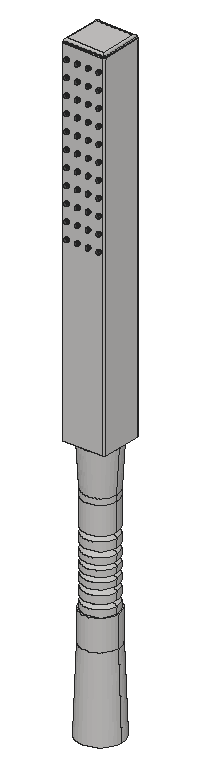
Revit family "VS-3023", category Plumbing Fixtures, Revit 2023
Family settings
  Round Connector Dimension = Use Diameter
  Part Type = Normal
  OmniClass Number = 23.45.00.00
  OmniClass Title = Sanitary, Laundry, and Cleaning Equipment
  Work Plane-Based = No
  Enable Cutting in Views = No
  Always vertical = Yes
  Cut with Voids When Loaded = No
  Maintain Annotation Orientation = No
  Shared = No
  Room Calculation Point = No
Parameters
  Default Elevation = 0' - 0"
Reference planes (in)
  plane 1 "Center (Front/Back)": y = 0
  plane 2: z = 0
  plane 3 "Center (Left/Right)": x = 0
  plane 4: z = 8.375
  plane 5: x = -0.5
  plane 6: x = 0.5
  plane 7: y = 0.5
  plane 8: y = -0.5
  plane 9: z = -1.1875
  plane 10: z = -30.00526
Forms (in)
  Extrusion 1, solid, material "Metal Finish"
    sketch origin (0, 0, 0) x (1, 0, 0) y (0, 1, 0)
      loop
        arc (-0.4652, 0.5) -> (-0.48981, 0.48981) -> (-0.5, 0.4652) r 0.0348
        line (-0.5, 0.4652) -> (-0.5, -0.4652)
        arc (-0.5, -0.4652) -> (-0.48981, -0.48981) -> (-0.4652, -0.5) r 0.0348
        line (-0.4652, -0.5) -> (0.4652, -0.5)
        arc (0.4652, -0.5) -> (0.48981, -0.48981) -> (0.5, -0.4652) r 0.0348
        line (0.5, -0.4652) -> (0.5, 0.4652)
        arc (0.5, 0.4652) -> (0.48981, 0.48981) -> (0.4652, 0.5) r 0.0348
        line (0.4652, 0.5) -> (-0.4652, 0.5)
    from 0 to 8.375
  Sweep 2, void
    path in 3D
      loop
        line (-0.5, -0.5, 8.375) -> (0.5, -0.5, 8.375) -> (0.5, 0.5, 8.375) -> (-0.5, 0.5, 8.375) -> (-0.5, -0.5, 8.375)
    profile origin (-0.5, 0, 8.375) x (1, 0, 0) y (0, 0, 1)
      loop
        line (0, 0) -> (0, -0.07849) -> (0.03158, -0.07849) -> (0.03158, -0.04486)
        arc (0.03158, -0.04486) -> (0.04472, -0.01314) -> (0.07644, 0) r 0.04486
        line (0.07644, 0) -> (0, 0)
  Extrusion 3, solid, material "1.Finish"
    sketch origin (0.62001, -0.5, 0) x (-1, 0, 0) y (0, 0, -1)
      loop
        circle (0.99108, -7.98443) r 0.04685
      loop
        circle (0.74108, -7.98443) r 0.04685
      loop
        circle (0.49108, -7.98443) r 0.04685
      loop
        circle (0.24108, -7.98443) r 0.04685
    from 0 to 0.01287
  Extrusion 4, solid, material "1.Finish"
    sketch origin (0, 0, 0) x (1, 0, 0) y (0, 0, 1)
      loop
        circle (-0.37107, 7.98443) r 0.04468
      loop
        circle (-0.12107, 7.98443) r 0.04468
      loop
        circle (0.12893, 7.98443) r 0.04468
      loop
        circle (0.37893, 7.98443) r 0.04468
    from 0.51287 to 0.52611
  Extrusion 5, solid, material "1.Finish"
    sketch origin (0, 0, 0) x (1, 0, 0) y (0, 0, 1)
      loop
        circle (-0.36998, 7.98443) r 0.03463
      loop
        circle (-0.11998, 7.98443) r 0.03463
      loop
        circle (0.13002, 7.98443) r 0.03463
      loop
        circle (0.38002, 7.98443) r 0.03463
    from 0.52611 to 0.55201
  Extrusion 6, solid, material "1.Finish"
    sketch origin (0.62001, -0.5, -3.75) x (-1, 0, 0) y (0, 0, -1)
      loop
        circle (0.99108, -7.98443) r 0.04685
      loop
        circle (0.74108, -7.98443) r 0.04685
      loop
        circle (0.49108, -7.98443) r 0.04685
      loop
        circle (0.24108, -7.98443) r 0.04685
    from 0 to 0.01287
  Extrusion 7, solid, material "1.Finish"
    sketch origin (0, 0, -3.75) x (1, 0, 0) y (0, 0, 1)
      loop
        circle (-0.37107, 7.98443) r 0.04468
      loop
        circle (-0.12107, 7.98443) r 0.04468
      loop
        circle (0.12893, 7.98443) r 0.04468
      loop
        circle (0.37893, 7.98443) r 0.04468
    from 0.51287 to 0.52611
  Extrusion 8, solid, material "1.Finish"
    sketch origin (0, 0, -3.75) x (1, 0, 0) y (0, 0, 1)
      loop
        circle (-0.36998, 7.98443) r 0.03463
      loop
        circle (-0.11998, 7.98443) r 0.03463
      loop
        circle (0.13002, 7.98443) r 0.03463
      loop
        circle (0.38002, 7.98443) r 0.03463
    from 0.52611 to 0.55201
  Extrusion 9, solid, material "1.Finish"
    sketch origin (0.62001, -0.5, -0.375) x (-1, 0, 0) y (0, 0, -1)
      loop
        circle (0.99108, -7.98443) r 0.04685
      loop
        circle (0.74108, -7.98443) r 0.04685
      loop
        circle (0.49108, -7.98443) r 0.04685
      loop
        circle (0.24108, -7.98443) r 0.04685
    from 0 to 0.01287
  Extrusion 10, solid, material "1.Finish"
    sketch origin (0, 0, -0.375) x (1, 0, 0) y (0, 0, 1)
      loop
        circle (-0.37107, 7.98443) r 0.04468
      loop
        circle (-0.12107, 7.98443) r 0.04468
      loop
        circle (0.12893, 7.98443) r 0.04468
      loop
        circle (0.37893, 7.98443) r 0.04468
    from 0.51287 to 0.52611
  Extrusion 11, solid, material "1.Finish"
    sketch origin (0, 0, -0.375) x (1, 0, 0) y (0, 0, 1)
      loop
        circle (-0.36998, 7.98443) r 0.03463
      loop
        circle (-0.11998, 7.98443) r 0.03463
      loop
        circle (0.13002, 7.98443) r 0.03463
      loop
        circle (0.38002, 7.98443) r 0.03463
    from 0.52611 to 0.55201
  Extrusion 12, solid, material "1.Finish"
    sketch origin (0.62001, -0.5, -0.75) x (-1, 0, 0) y (0, 0, -1)
      loop
        circle (0.99108, -7.98443) r 0.04685
      loop
        circle (0.74108, -7.98443) r 0.04685
      loop
        circle (0.49108, -7.98443) r 0.04685
      loop
        circle (0.24108, -7.98443) r 0.04685
    from 0 to 0.01287
  Extrusion 13, solid, material "1.Finish"
    sketch origin (0, 0, -0.75) x (1, 0, 0) y (0, 0, 1)
      loop
        circle (-0.37107, 7.98443) r 0.04468
      loop
        circle (-0.12107, 7.98443) r 0.04468
      loop
        circle (0.12893, 7.98443) r 0.04468
      loop
        circle (0.37893, 7.98443) r 0.04468
    from 0.51287 to 0.52611
  Extrusion 14, solid, material "1.Finish"
    sketch origin (0, 0, -0.75) x (1, 0, 0) y (0, 0, 1)
      loop
        circle (-0.36998, 7.98443) r 0.03463
      loop
        circle (-0.11998, 7.98443) r 0.03463
      loop
        circle (0.13002, 7.98443) r 0.03463
      loop
        circle (0.38002, 7.98443) r 0.03463
    from 0.52611 to 0.55201
  Extrusion 15, solid, material "1.Finish"
    sketch origin (0.62001, -0.5, -1.125) x (-1, 0, 0) y (0, 0, -1)
      loop
        circle (0.99108, -7.98443) r 0.04685
      loop
        circle (0.74108, -7.98443) r 0.04685
      loop
        circle (0.49108, -7.98443) r 0.04685
      loop
        circle (0.24108, -7.98443) r 0.04685
    from 0 to 0.01287
  Extrusion 16, solid, material "1.Finish"
    sketch origin (0, 0, -1.125) x (1, 0, 0) y (0, 0, 1)
      loop
        circle (-0.37107, 7.98443) r 0.04468
      loop
        circle (-0.12107, 7.98443) r 0.04468
      loop
        circle (0.12893, 7.98443) r 0.04468
      loop
        circle (0.37893, 7.98443) r 0.04468
    from 0.51287 to 0.52611
  Extrusion 17, solid, material "1.Finish"
    sketch origin (0, 0, -1.125) x (1, 0, 0) y (0, 0, 1)
      loop
        circle (-0.36998, 7.98443) r 0.03463
      loop
        circle (-0.11998, 7.98443) r 0.03463
      loop
        circle (0.13002, 7.98443) r 0.03463
      loop
        circle (0.38002, 7.98443) r 0.03463
    from 0.52611 to 0.55201
  Extrusion 18, solid, material "1.Finish"
    sketch origin (0.62001, -0.5, -1.5) x (-1, 0, 0) y (0, 0, -1)
      loop
        circle (0.99108, -7.98443) r 0.04685
      loop
        circle (0.74108, -7.98443) r 0.04685
      loop
        circle (0.49108, -7.98443) r 0.04685
      loop
        circle (0.24108, -7.98443) r 0.04685
    from 0 to 0.01287
  Extrusion 19, solid, material "1.Finish"
    sketch origin (0, 0, -1.5) x (1, 0, 0) y (0, 0, 1)
      loop
        circle (-0.37107, 7.98443) r 0.04468
      loop
        circle (-0.12107, 7.98443) r 0.04468
      loop
        circle (0.12893, 7.98443) r 0.04468
      loop
        circle (0.37893, 7.98443) r 0.04468
    from 0.51287 to 0.52611
  Extrusion 20, solid, material "1.Finish"
    sketch origin (0, 0, -1.5) x (1, 0, 0) y (0, 0, 1)
      loop
        circle (-0.36998, 7.98443) r 0.03463
      loop
        circle (-0.11998, 7.98443) r 0.03463
      loop
        circle (0.13002, 7.98443) r 0.03463
      loop
        circle (0.38002, 7.98443) r 0.03463
    from 0.52611 to 0.55201
  Extrusion 21, solid, material "1.Finish"
    sketch origin (0.62001, -0.5, -1.875) x (-1, 0, 0) y (0, 0, -1)
      loop
        circle (0.99108, -7.98443) r 0.04685
      loop
        circle (0.74108, -7.98443) r 0.04685
      loop
        circle (0.49108, -7.98443) r 0.04685
      loop
        circle (0.24108, -7.98443) r 0.04685
    from 0 to 0.01287
  Extrusion 22, solid, material "1.Finish"
    sketch origin (0, 0, -1.875) x (1, 0, 0) y (0, 0, 1)
      loop
        circle (-0.37107, 7.98443) r 0.04468
      loop
        circle (-0.12107, 7.98443) r 0.04468
      loop
        circle (0.12893, 7.98443) r 0.04468
      loop
        circle (0.37893, 7.98443) r 0.04468
    from 0.51287 to 0.52611
  Extrusion 23, solid, material "1.Finish"
    sketch origin (0, 0, -1.875) x (1, 0, 0) y (0, 0, 1)
      loop
        circle (-0.36998, 7.98443) r 0.03463
      loop
        circle (-0.11998, 7.98443) r 0.03463
      loop
        circle (0.13002, 7.98443) r 0.03463
      loop
        circle (0.38002, 7.98443) r 0.03463
    from 0.52611 to 0.55201
  Extrusion 24, solid, material "1.Finish"
    sketch origin (0.62001, -0.5, -2.25) x (-1, 0, 0) y (0, 0, -1)
      loop
        circle (0.99108, -7.98443) r 0.04685
      loop
        circle (0.74108, -7.98443) r 0.04685
      loop
        circle (0.49108, -7.98443) r 0.04685
      loop
        circle (0.24108, -7.98443) r 0.04685
    from 0 to 0.01287
  Extrusion 25, solid, material "1.Finish"
    sketch origin (0, 0, -2.25) x (1, 0, 0) y (0, 0, 1)
      loop
        circle (-0.37107, 7.98443) r 0.04468
      loop
        circle (-0.12107, 7.98443) r 0.04468
      loop
        circle (0.12893, 7.98443) r 0.04468
      loop
        circle (0.37893, 7.98443) r 0.04468
    from 0.51287 to 0.52611
  Extrusion 26, solid, material "1.Finish"
    sketch origin (0, 0, -2.25) x (1, 0, 0) y (0, 0, 1)
      loop
        circle (-0.36998, 7.98443) r 0.03463
      loop
        circle (-0.11998, 7.98443) r 0.03463
      loop
        circle (0.13002, 7.98443) r 0.03463
      loop
        circle (0.38002, 7.98443) r 0.03463
    from 0.52611 to 0.55201
  Extrusion 27, solid, material "1.Finish"
    sketch origin (0.62001, -0.5, -2.625) x (-1, 0, 0) y (0, 0, -1)
      loop
        circle (0.99108, -7.98443) r 0.04685
      loop
        circle (0.74108, -7.98443) r 0.04685
      loop
        circle (0.49108, -7.98443) r 0.04685
      loop
        circle (0.24108, -7.98443) r 0.04685
    from 0 to 0.01287
  Extrusion 28, solid, material "1.Finish"
    sketch origin (0, 0, -2.625) x (1, 0, 0) y (0, 0, 1)
      loop
        circle (-0.37107, 7.98443) r 0.04468
      loop
        circle (-0.12107, 7.98443) r 0.04468
      loop
        circle (0.12893, 7.98443) r 0.04468
      loop
        circle (0.37893, 7.98443) r 0.04468
    from 0.51287 to 0.52611
  Extrusion 29, solid, material "1.Finish"
    sketch origin (0, 0, -2.625) x (1, 0, 0) y (0, 0, 1)
      loop
        circle (-0.36998, 7.98443) r 0.03463
      loop
        circle (-0.11998, 7.98443) r 0.03463
      loop
        circle (0.13002, 7.98443) r 0.03463
      loop
        circle (0.38002, 7.98443) r 0.03463
    from 0.52611 to 0.55201
  Extrusion 30, solid, material "1.Finish"
    sketch origin (0.62001, -0.5, -3) x (-1, 0, 0) y (0, 0, -1)
      loop
        circle (0.99108, -7.98443) r 0.04685
      loop
        circle (0.74108, -7.98443) r 0.04685
      loop
        circle (0.49108, -7.98443) r 0.04685
      loop
        circle (0.24108, -7.98443) r 0.04685
    from 0 to 0.01287
  Extrusion 31, solid, material "1.Finish"
    sketch origin (0, 0, -3) x (1, 0, 0) y (0, 0, 1)
      loop
        circle (-0.37107, 7.98443) r 0.04468
      loop
        circle (-0.12107, 7.98443) r 0.04468
      loop
        circle (0.12893, 7.98443) r 0.04468
      loop
        circle (0.37893, 7.98443) r 0.04468
    from 0.51287 to 0.52611
  Extrusion 32, solid, material "1.Finish"
    sketch origin (0, 0, -3) x (1, 0, 0) y (0, 0, 1)
      loop
        circle (-0.36998, 7.98443) r 0.03463
      loop
        circle (-0.11998, 7.98443) r 0.03463
      loop
        circle (0.13002, 7.98443) r 0.03463
      loop
        circle (0.38002, 7.98443) r 0.03463
    from 0.52611 to 0.55201
  Extrusion 33, solid, material "1.Finish"
    sketch origin (0.62001, -0.5, -3.375) x (-1, 0, 0) y (0, 0, -1)
      loop
        circle (0.99108, -7.98443) r 0.04685
      loop
        circle (0.74108, -7.98443) r 0.04685
      loop
        circle (0.49108, -7.98443) r 0.04685
      loop
        circle (0.24108, -7.98443) r 0.04685
    from 0 to 0.01287
  Extrusion 34, solid, material "1.Finish"
    sketch origin (0, 0, -3.375) x (1, 0, 0) y (0, 0, 1)
      loop
        circle (-0.37107, 7.98443) r 0.04468
      loop
        circle (-0.12107, 7.98443) r 0.04468
      loop
        circle (0.12893, 7.98443) r 0.04468
      loop
        circle (0.37893, 7.98443) r 0.04468
    from 0.51287 to 0.52611
  Extrusion 35, solid, material "1.Finish"
    sketch origin (0, 0, -3.375) x (1, 0, 0) y (0, 0, 1)
      loop
        circle (-0.36998, 7.98443) r 0.03463
      loop
        circle (-0.11998, 7.98443) r 0.03463
      loop
        circle (0.13002, 7.98443) r 0.03463
      loop
        circle (0.38002, 7.98443) r 0.03463
    from 0.52611 to 0.55201
  Revolve 36, solid, material "Metal Finish"
    sketch origin (0, 0, 0) x (1, 0, 0) y (0, 0, 1)
      loop
        line (-0.45481, 0) -> (-0.45481, -0.05492) -> (-0.38506, -1.05249) -> (-0.38506, -1.18818) -> (0, -1.18818) -> (0, 0) -> (-0.45481, 0)
      axis (0, 0) -> (0, -1.18818)
    angle from 0 to 360
  Revolve 37, solid, material "Metal Finish"
    sketch origin (0, 0, 0) x (1, 0, 0) y (0, 0, 1)
      loop
        line (-0.38506, -1.18051) -> (-0.38506, -1.83126) -> (-0.25248, -1.83126) -> (-0.38506, -1.96384) -> (-0.38506, -2.15693) -> (-0.28811, -2.08649) -> (-0.28811, -2.19844) -> (-0.38506, -2.29539) -> (-0.38506, -2.43738) -> (-0.28811, -2.36694) -> (-0.28811, -2.45962) -> (-0.38506, -2.55657) -> (-0.38506, -2.69025) -> (-0.28811, -2.5933) -> (-0.28811, -2.7141) -> (-0.38506, -2.81105) -> (-0.38506, -2.95267) -> (-0.28811, -2.85572) -> (-0.28811, -2.98581) -> (-0.38506, -3.08276) -> (-0.38506, -3.2542) -> (-0.28811, -3.18376) -> (-0.28811, -3.31384) -> (-0.38506, -3.38428) -> (-0.38506, -3.53424) -> (-0.28811, -3.53424) -> (0, -3.53424) -> (0, -1.18051) -> (-0.38506, -1.18051)
      axis (0, -1.18051) -> (0, -3.53424)
    angle from 0 to 360
  Extrusion 38, solid, material "Metal Finish"
    sketch origin (0, 0, -3.53424) x (0, 1, 0) y (1, 0, 0)
      loop
        circle (0, -0.00386) r 0.4303
    from 0 to 0.71218
  Blend 39, solid, material "Metal Finish"
    base sketch origin (0, 0, -3.53424) x (0, 1, 0) y (-1, 0, 0)
      loop
        circle (0, 0.00386) r 0.43394
    top sketch origin (0, 0, -3.53424) x (0, 1, 0) y (-1, 0, 0)
      loop
        circle (0, 0.00386) r 0.50386
    from -0.71218 to -2.65531
Cuts and joins
  Sweep 2 cuts Extrusion 1
Lines and regions (in)
  sketch lines
    curve 1: line (-0.5, 0.5, 8.375) -> (-0.5, -0.5, 8.375)
    curve 2: line (0.5, 0.5, 8.375) -> (-0.5, 0.5, 8.375)
    curve 3: line (0.5, -0.5, 8.375) -> (0.5, 0.5, 8.375)
    curve 4: line (-0.5, -0.5, 8.375) -> (0.5, -0.5, 8.375)
Dimensions and locks (in)
  equal spacing: group 1, group 3, group 4, group 5, group 6, group 7, group 8, group 9, group 10, group 11, group 2  (x2)
  equal spacing: group 2, group 11, group 10, group 9, group 8, group 7, group 6, group 5, group 4, group 3, group 1
  plane 6 to plane 5 = 0' - 1"
  plane 4 to level = 0' - 8 3/8"
  level to plane 9 = 0' - 1 3/16"
  aligned and locked: level to plane 2
  aligned and locked: Extrusion 1 sketch curve to plane 7
  aligned and locked: plane 5 to Extrusion 1 sketch curve
  aligned and locked: Extrusion 1 sketch curve to plane 8
  aligned and locked: plane 6 to Extrusion 1 sketch curve
